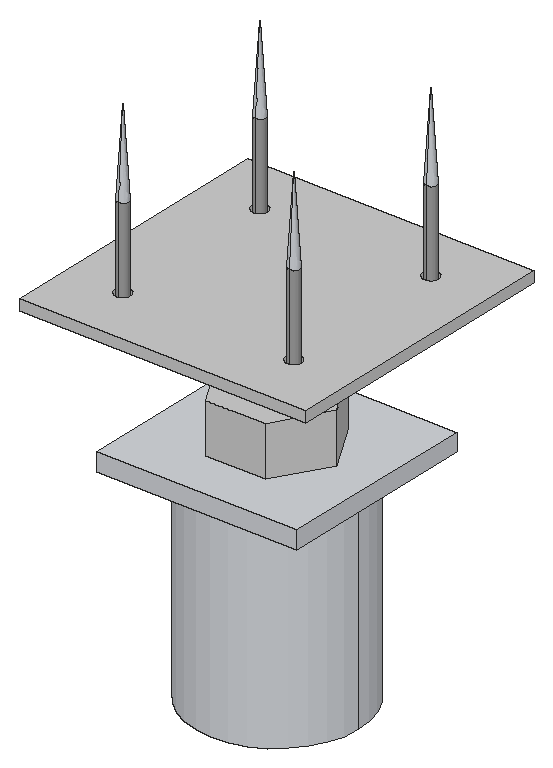
Revit family "Tete ajustable_Simple", category Modèles génériques, Revit 2017
Family settings
  Peut héberger une armature = Non
  Cote de connecteur circulaire = Utiliser le diamètre
  Type d'élément = Normal
  Basée sur le plan de construction = Oui
  Toujours verticalement = Non
  Couper avec des vides une fois chargée = Non
  Partagée = Non
  Point de calcul de pièce = Non
Parameters
  Default Elevation = 48"
Reference planes (in)
  plane 1 "Centre (avant/arrière)": y = 0
  plane 2: z = 0
  plane 3 "Centre (gauche/droite)": x = 0
Forms (in)
  Extrusion 1, solid, material "Acier"
    sketch origin (0, -3.06326, -0.1875) x (1, 0, 0) y (0, 1, 0)
      loop
        line (-0.52178, 3.96701) -> (-1.04356, 3.06326) -> (-0.52178, 2.15951) -> (0.52178, 2.15951) -> (1.04356, 3.06326) -> (0.52178, 3.96701) -> (-0.52178, 3.96701)
      loop
        circle (0, 3.06326) r 0.53901
    from -1.41337 to -2.2822
  Extrusion 2, solid, material "Acier"
    sketch origin (0, -3.06326, -0.1875) x (1, 0, 0) y (0, 1, 0)
      loop
        circle (0, 3.06326) r 0.5
    from 0 to -4.82085
  Sweep 3, solid, material "Soudure"
    path origin (0, -3.06326, -0.1875) x (1, 0, 0) y (0, 1, 0)
      loop
        circle (0, 3.06326) r 0.5
    profile origin (0, 0.5, -0.1875) x (0, -1, 0) y (0, 0, 1)
      loop
        line (0, 0) -> (-0.25, 0) -> (0, -0.25) -> (0, 0)
  Extrusion 4, solid, material "Acier"
    sketch origin (0, 0, -0.1875) x (1, 0, 0) y (0, 1, 0)
      loop
        line (-2.5, 2.5) -> (-2.5, -2.5) -> (2.5, -2.5) -> (2.5, 2.5) -> (-2.5, 2.5)
      loop
        circle (1.5, 1.5) r 0.14063
      loop
        circle (-1.5, 1.5) r 0.14063
      loop
        circle (1.5, -1.5) r 0.14063
      loop
        circle (-1.5, -1.5) r 0.14063
    from 0 to 0.1875
  Extrusion 5, solid
    sketch origin (0.25195, -1.73747, -2.4697) x (0, 1, 0) y (1, 0, 0)
      loop
        circle (1.73747, -0.25195) r 1.4375
      loop
        circle (1.73747, -0.25195) r 1.23438
    from 0.3125 to 4
  Extrusion 6, solid
    sketch origin (0.25195, -1.73747, -2.4697) x (0, 1, 0) y (1, 0, 0)
      loop
        line (3.48747, -2.00195) -> (3.48747, 1.49805) -> (-0.01253, 1.49805) -> (-0.01253, -2.00195) -> (3.48747, -2.00195)
      loop
        circle (1.73747, -0.25195) r 0.5625
    from 0 to 0.3125
  Extrusion 7, solid
    sketch origin (-1.49481, -1.47931, 11.31217) x (1, 0, 0) y (0, -0.999998, 0.001745)
      loop
        line (0.0729, 0.16662) -> (-0.10844, 0.14756) -> (-0.18222, -0.01815) -> (-0.07504, -0.16566) -> (0.10535, -0.1467) -> (0.17952, 0.01987) -> (0.0729, 0.16662)
    from 11.58068 to 11.72168
  Extrusion 8, solid, material "Tige Filletée"
    sketch origin (-1.5, -1.5, -6.08295) x (0, -1, 0) y (1, 0, 0)
      loop
        circle (0, 0) r 0.09375
    from 5.89545 to 7.54725
  Extrusion 9, solid
    sketch origin (-1.93301, -1.5, -0.2765) x (1, 0, 0) y (0, 1, 0)
      loop
        circle (0.43301, 0) r 0.09375
      loop
        circle (0.43301, 0) r 0.3
    from 0.008 to 0.089
  Revolve 10, solid
    sketch origin (-1.5, -1.5, -0.0357) x (0, 0, 1) y (0, -1, 0)
      loop
        line (1.5, 0) -> (3, 0) -> (1.5, 0.09375) -> (1.5, 0)
      axis (1.5, 0) -> (3, 0)
    angle from 0 to 360
  Extrusion 11, solid
    sketch origin (1.49481, -1.47931, 11.31217) x (-1, 0, 0) y (0, 0.999998, -0.001745)
      loop
        line (0.0729, -0.16662) -> (0.17952, -0.01987) -> (0.10535, 0.1467) -> (-0.07504, 0.16566) -> (-0.18222, 0.01815) -> (-0.10844, -0.14756) -> (0.0729, -0.16662)
    from 11.58068 to 11.72168
  Extrusion 12, solid, material "Tige Filletée"
    sketch origin (1.5, -1.5, -6.08295) x (0, 1, 0) y (-1, 0, 0)
      loop
        circle (0, 0) r 0.09375
    from 5.89545 to 7.54725
  Extrusion 13, solid
    sketch origin (1.93301, -1.5, -0.2765) x (1, 0, 0) y (0, 1, 0)
      loop
        circle (-0.43301, 0) r 0.09375
      loop
        circle (-0.43301, 0) r 0.3
    from 0.008 to 0.089
  Revolve 14, solid
    sketch origin (1.5, -1.5, -0.0357) x (0, 0, 1) y (0, 1, 0)
      loop
        line (1.5, 0) -> (1.5, -0.09375) -> (3, 0) -> (1.5, 0)
      axis (1.5, 0) -> (3, 0)
    angle from 0 to 360
  Extrusion 15, solid, material "Tige Filletée"
    sketch origin (-1.5, 1.5, -6.08295) x (0, -1, 0) y (1, 0, 0)
      loop
        circle (0, 0) r 0.09375
    from 5.89545 to 7.54725
  Revolve 16, solid
    sketch origin (-1.5, 1.5, -0.0357) x (0, 0, 1) y (0, -1, 0)
      loop
        line (1.5, 0) -> (1.5, -0.09375) -> (3, 0) -> (1.5, 0)
      axis (1.5, 0) -> (3, 0)
    angle from 0 to 360
  Extrusion 17, solid, material "Tige Filletée"
    sketch origin (1.5, 1.5, -6.08295) x (0, 1, 0) y (-1, 0, 0)
      loop
        circle (0, 0) r 0.09375
    from 5.89545 to 7.54725
  Revolve 18, solid
    sketch origin (1.5, 1.5, -0.0357) x (0, 0, 1) y (0, 1, 0)
      loop
        line (1.5, 0) -> (3, 0) -> (1.5, 0.09375) -> (1.5, 0)
      axis (1.5, 0) -> (3, 0)
    angle from 0 to 360
  Extrusion 19, solid
    sketch origin (-1.49481, 1.47931, 11.31217) x (1, 0, 0) y (0, -0.999998, -0.001745)
      loop
        line (0.0729, -0.16662) -> (0.17952, -0.01987) -> (0.10535, 0.1467) -> (-0.07504, 0.16566) -> (-0.18222, 0.01815) -> (-0.10844, -0.14756) -> (0.0729, -0.16662)
    from 11.58068 to 11.72168
  Extrusion 20, solid
    sketch origin (-1.93301, 1.5, -0.2765) x (-1, 0, 0) y (0, -1, 0)
      loop
        circle (-0.43301, 0) r 0.09375
      loop
        circle (-0.43301, 0) r 0.3
    from 0.008 to 0.089
  Extrusion 21, solid
    sketch origin (1.49481, 1.47931, 11.31217) x (-1, 0, 0) y (0, 0.999998, 0.001745)
      loop
        line (0.0729, 0.16662) -> (-0.10844, 0.14756) -> (-0.18222, -0.01815) -> (-0.07504, -0.16566) -> (0.10535, -0.1467) -> (0.17952, 0.01987) -> (0.0729, 0.16662)
    from 11.58068 to 11.72168
  Extrusion 22, solid
    sketch origin (1.93301, 1.5, -0.2765) x (-1, 0, 0) y (0, -1, 0)
      loop
        circle (0.43301, 0) r 0.09375
      loop
        circle (0.43301, 0) r 0.3
    from 0.008 to 0.089
Dimensions and locks (in)
  diameter of Extrusion 8 sketch curve = 3/16"
  diameter of Extrusion 12 sketch curve = 3/16"
  diameter of Extrusion 15 sketch curve = 3/16"
  diameter of Extrusion 17 sketch curve = 3/16"
